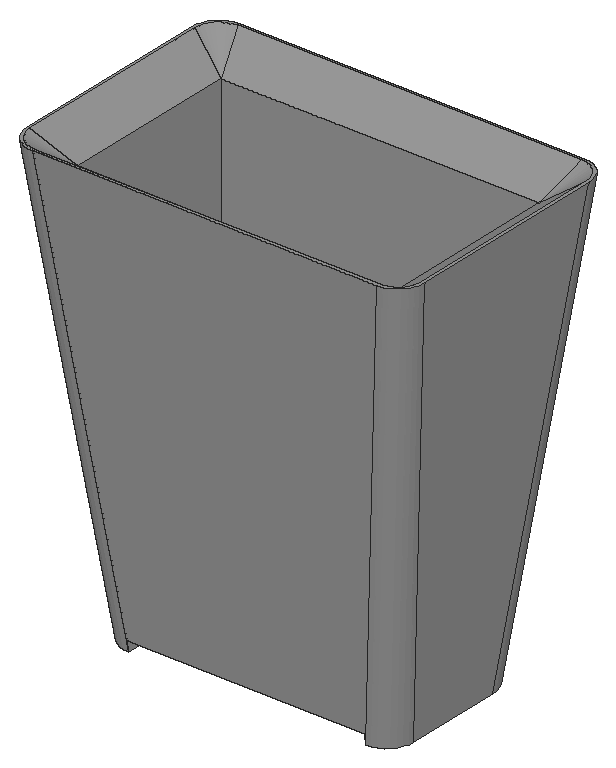
Revit family "Урна бетонная «Денвер» Арт 15504", category Антураж, Revit 2018
Family settings
  На основе рабочей плоскости = Нет
  Всегда вертикально = Да
  При загрузке вырезать с полостями = Нет
  Источник визуального образа = Геометрия семейства
  Общий = Нет
  Точка расчета площади = Нет
Parameters (values of type "Урна бетонная «Денвер»")
  Ширина = 485 mm  # constant formula
  Цвет урны = Бетон
  Описание = "Урна бетонная «Денвер»"  # constant formula
  Материал изделия = "Бетон"  # constant formula
  Изображение типоразмера = Урна бетонная «Денвер» Арт 15504.jpg
  Изготовитель = "ООО «Хоббика»"  # constant formula
  Длина = 745 mm  # constant formula
  Группа модели = "Уличные урны"  # constant formula
  Высота = 850 mm  # constant formula
  Артикул товара = "Арт. 15504"  # constant formula
  URL = "https://hobbyka.ru/product/urna_betonnaya_denver/"
Reference planes
  plane 1 "По центру (Вперед/Назад)": y = 0
  plane 2: z = 0
  plane 3 "По центру (Влево/Вправо)": x = 0
  plane 4: y = 485
  plane 5: x = 745
  plane 6: z = 850
Forms (mm)
  Blend 1, solid, material "Бетон" <- "Цвет урны"
    base sketch origin (0, 0, 0) x (1, 0, 0) y (0, 1, 0)
      loop
        arc (150, 385) -> (114.645, 370.355) -> (100, 335) r 50
        line (100, 335) -> (100, 150)
        arc (100, 150) -> (114.645, 114.645) -> (150, 100) r 50
        line (150, 100) -> (595, 100)
        arc (595, 100) -> (630.355, 114.645) -> (645, 150) r 50
        line (645, 150) -> (645, 335)
        arc (645, 335) -> (630.355, 370.355) -> (595, 385) r 50
        line (595, 385) -> (150, 385)
    top sketch origin (0, 0, 0) x (1, 0, 0) y (0, 1, 0)
      loop
        arc (50, 485) -> (14.645, 470.355) -> (0, 435) r 50
        line (0, 435) -> (0, 50)
        arc (0, 50) -> (14.645, 14.645) -> (50, 0) r 50
        line (50, 0) -> (695, 0)
        arc (695, 0) -> (730.355, 14.645) -> (745, 50) r 50
        line (745, 50) -> (745, 435)
        arc (745, 435) -> (730.355, 470.355) -> (695, 485) r 50
        line (695, 485) -> (50, 485)
    from 0 to 850
  Extrusion 2, void
    sketch origin (0, 0, 0) x (1, 0, 0) y (0, 0, 1)
      loop
        line (150, 0) -> (595, 0) -> (595, 20) -> (150, 20) -> (150, 0)
    from -485 to 0
  Blend 3, void
    base sketch origin (0, 0, 0) x (1, 0, 0) y (0, 1, 0)
      loop
        line (75, 410) -> (75, 75) -> (670, 75) -> (670, 410) -> (75, 410)
    top sketch origin (0, 0, 0) x (1, 0, 0) y (0, 1, 0)
      loop
        arc (50, 480) -> (18.18, 466.82) -> (5, 435) r 45
        line (5, 435) -> (5, 50)
        arc (5, 50) -> (18.18, 18.18) -> (50, 5) r 45
        line (50, 5) -> (695, 5)
        arc (695, 5) -> (726.82, 18.18) -> (740, 50) r 45
        line (740, 50) -> (740, 435)
        arc (740, 435) -> (726.82, 466.82) -> (695, 480) r 45
        line (695, 480) -> (50, 480)
    from 800 to 850
  Extrusion 4, void
    sketch origin (0, 0, 0) x (1, 0, 0) y (0, 1, 0)
      loop
        line (75, 410) -> (75, 75) -> (670, 75) -> (670, 410) -> (75, 410)
    from 347.594 to 800
Cuts and joins
  Extrusion 2, Blend 3, Extrusion 4 cuts Blend 1
Dimensions and locks
  "Длина": plane 3 "По центру (Влево/Вправо)" to plane 5
  "Ширина": plane 4 to plane 1 "По центру (Вперед/Назад)"
  "Высота": plane 6 to plane 2
  aligned and locked: level to plane 2
Automatic sketch dimensions
  plane 3 "По центру (Влево/Вправо)" to Blend 1 sketch curve = 50 mm  (x2)
  Blend 1 sketch curve to plane 4 = 0 mm
  Blend 1 sketch curve to plane 4 = 50 mm
  Blend 1 sketch curve to Blend 1 sketch curve = 50 mm  (x4)
  Blend 1 sketch curve to plane 3 "По центру (Влево/Вправо)" = 0 mm
  plane 1 "По центру (Вперед/Назад)" to Blend 1 sketch curve = 0 mm
  Blend 1 sketch curve to plane 5 = 0 mm
  Blend 1 sketch curve to plane 4 = 150 mm
  plane 3 "По центру (Влево/Вправо)" to Blend 1 sketch curve = 100 mm
  Blend 1 sketch curve to plane 5 = 150 mm  (x2)
  Blend 1 sketch curve to plane 1 "По центру (Вперед/Назад)" = 150 mm
  Extrusion 2 sketch curve to level = 0 mm
  level to Extrusion 2 sketch curve = 20 mm
  plane 3 "По центру (Влево/Вправо)" to Extrusion 2 sketch curve = 150 mm
  Extrusion 2 sketch curve to plane 5 = 150 mm
  plane 3 "По центру (Влево/Вправо)" to Blend 3 sketch curve = 5 mm
  Blend 3 sketch curve to plane 4 = 5 mm
  Blend 3 sketch curve to Blend 3 sketch curve = 45 mm
  Blend 3 sketch curve to plane 1 "По центру (Вперед/Назад)" = 50 mm
  Blend 3 sketch curve to plane 1 "По центру (Вперед/Назад)" = 5 mm
  Blend 3 sketch curve to plane 5 = 50 mm
  Blend 3 sketch curve to plane 5 = 5 mm
  Blend 3 sketch curve to plane 4 = 50 mm
  plane 3 "По центру (Влево/Вправо)" to Blend 3 sketch curve = 75 mm
  Blend 3 sketch curve to plane 5 = 75 mm
  Blend 3 sketch curve to plane 1 "По центру (Вперед/Назад)" = 75 mm
  Blend 3 sketch curve to plane 4 = 75 mm
  plane 3 "По центру (Влево/Вправо)" to Extrusion 4 sketch curve = 75 mm
  Extrusion 4 sketch curve to plane 5 = 75 mm
  Extrusion 4 sketch curve to plane 1 "По центру (Вперед/Назад)" = 75 mm
  Extrusion 4 sketch curve to plane 4 = 75 mm
